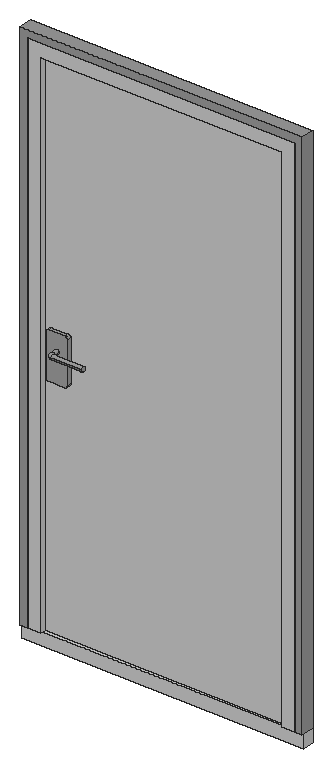
Revit family "AVLN_Дверь_Однопольная_стальная", category Двери, Revit 2021
Family settings
  Основа = Стена
  Номер OmniClass = 23.30.10.00
  Заголовок OmniClass = Doors
  Всегда вертикально = Да
  При загрузке вырезать с полостями = Нет
  Общий = Нет
  Точка принадлежности помещению = Нет
Parameters (values of type "1100х2090(h)_Л")
  Ширина полотна [instance] = Width - Монтажный зазор * 2 - Коробка толщина * 2  # 940 mm
  Тонкая линия проема = yes
  Толщина = 30 mm  # constant formula
  Стекло.Толщина = 15 mm
  Стекло.Отступ.Снизу = 1200 mm
  Стекло.Отступ.Слева/Справа = 100 mm
  Стекло.Отступ.Сверху = 100 mm
  Стекло = not([Глухая/Остекленная])  # no
  Смещение проема [instance] = 50 mm
  Смещение внутрь = 0 mm
  С1 [instance] = if(Смещение проема = 0 mm, 1 mm, 0 mm)  # 0 mm
  Ручка смещение = 60 mm  # constant formula
  Ручка высота = 1000 mm  # constant formula
  Рабочая зона = no
  Rough Width = Width - Монтажный зазор * 2  # 1040 mm
  Rough Height = Height - Монтажный зазор  # 2060 mm
  Правая = no
  Порог_наружный_смещение [instance] = 50 mm
  Порог_внутренний_смещение [instance] = 50 mm
  Порог_внуренний [instance] = no
  Порог [instance] = no
  Определить тепловые свойства по = Тип схем
  Описание = "Индивидуальный дверной блок (лестница) стальной однопольный, с пониженым порогом, с уплотнителем, с доводчиком, с нажимными ручками. Без замка, с ограничителем. Ширина проема в свету не менее 900 мм. Цвет: см. Дизайн-проект."
  Окрывание 30° = yes
  Fire Rating = ""
  Монтажный зазор сверху [instance] = if(Смещение проема = 0 mm, Монтажный зазор - 1 mm, Монтажный зазор)  # 30 mm
  Монтажный зазор = 30 mm
  Матиал_Коробка = Сталь
  Материал_Стекло = Остекление
  Материал_Рабочая зона = none
  Материал_Полотно = Сталь
  Материал_Монтажный зазор = Монтажный зазор
  Материал_Дверной ручки = По умолчанию
  Левая = not(Правая)  # yes
  Коробка.Профиль = 1 mm  # constant formula
  Коробка толщина = 50 mm  # constant formula
  Комментарии к типоразмеру = "Двери внутренние"
  Заполнение под проемом_Видимость [instance] = if(Смещение проема = 0 mm, 1 = 0, 1 = 1)  # yes
  Функция = Внутренние слои
  Группа модели = "Дверь"
  Глухая/Остекленная = yes
  Глухая = [Глухая/Остекленная]  # yes
  Height = 2090 mm
  Замыкание стены = По основе
  Width = 1100 mm
  Аналитическая конструкция = "<Нет>"
  AVLN_Проем_Ширина [instance] = Width  # 1100 mm
  AVLN_Проем_Высота [instance] = Height + Смещение проема  # 2140 mm
  ADSK_Размер_Высота [instance] = if(Смещение проема = 0 mm, Height - 1 mm, Height)  # 2090 mm
  ADSK_Примечание [instance] = ""
  ADSK_Позиция [instance] = ""
  ADSK_Обозначение = "ГОСТ 31173-2016"
  ADSK_Наименование = "ДСВ Оп 2090-1100 Прг Л Н П2лс"
  ADSK_Масса = 0
  ADSK_Марка [instance] = "ДВ-21Л"
  ADSK_Количество [instance] = 1
  ADSK_Единица измерения [instance] = "шт."
Types (26, lengths in mm): name | Ширина полотна | Стекло.Отступ.Снизу | Стекло.Отступ.Слева/Справа | Стекло.Отступ.Сверху | Стекло | Rough Width | Rough Height | Правая | Fire Rating | Матиал_Коробка | Материал_Стекло | Материал_Полотно | Материал_Монтажный зазор | Материал_Дверной ручки | Левая | Комментарии к типоразмеру | Группа модели | Глухая/Остекленная | Глухая | Height | Width | AVLN_Проем_Ширина | AVLN_Проем_Высота | ADSK_Размер_Высота | ADSK_Обозначение | ADSK_Наименование
  1100х2090(h)_Л | 940 | 1200 | 100 | 100 | no | 1040 | 2060 | no | "" | Сталь | Остекление | Сталь | Монтажный зазор | По умолчанию | yes | "Двери внутренние" | "Дверь" | yes | yes | 2090 | 1100 | 1100 | 2140 | 2090 | "ГОСТ 31173-2016" | "ДСВ Оп 2090-1100 Прг Л Н П2лс"
  1050х2070(h)_Л | 890 | 1200 | 100 | 100 | no | 990 | 2040 | no | "" | Сталь | Остекление | Сталь | Монтажный зазор | По умолчанию | yes | 0 | "Дверь" | yes | yes | 2070 | 1050 | 1050 | 2120 | 2070 | "ГОСТ 31173-2016" | ""
  1100х2070(h)_П | 940 | 1200 | 100 | 100 | yes | 1040 | 2040 | yes | "" | Сталь | Остекление | Сталь | Монтажный зазор | По умолчанию | no | "Двери внутренние" | "Дверь" | no | no | 2070 | 1100 | 1100 | 2120 | 2070 | "ГОСТ 31173-2016" | ""
  1100х2070(h)_EI30_П | 940 | 1200 | 100 | 100 | no | 1040 | 2040 | yes | "EI30" | Сталь | Остекление | Сталь | Монтажный зазор | По умолчанию | no | "Двери противопожарные" | "Дверь" | yes | yes | 2070 | 1100 | 1100 | 2120 | 2070 | "ГОСТ Р 57327-2016" | ""
  1100х2070(h)_EI30_Л | 940 | 1200 | 100 | 100 | no | 1040 | 2040 | no | "EI30" | Сталь | Остекление | Сталь | Монтажный зазор | По умолчанию | yes | 0 | 0 | yes | yes | 2070 | 1100 | 1100 | 2120 | 2070 | "ГОСТ 31173-2016" | ""
  1100х1800(h)_EI30_П | 940 | 1200 | 100 | 100 | no | 1040 | 1770 | yes | "EI30" | Сталь | Остекление | Сталь | Монтажный зазор | По умолчанию | no | 0 | 0 | yes | yes | 1800 | 1100 | 1100 | 1850 | 1800 | "ГОСТ 31173-2016" | ""
  1100х1800(h)_EI30_Л | 940 | 1200 | 100 | 100 | no | 1040 | 1770 | no | "EI30" | Сталь | Остекление | Сталь | Монтажный зазор | По умолчанию | yes | 0 | 0 | yes | yes | 1800 | 1100 | 1100 | 1850 | 1800 | "ГОСТ 31173-2016" | ""
  1100х2070(h)_EI30_Остекл_П | 940 | 1000 | 200 | 200 | yes | 1040 | 2040 | yes | "EI30" | Сталь | ADSK_Стекло_Прозрачное бесцветное | Сталь | Монтажный зазор | По умолчанию | no | "Двери противопожарные" | 0 | no | no | 2070 | 1100 | 1100 | 2120 | 2070 | "ГОСТ Р 57327-2016" | ""
  1100х2070(h)_EI30_Остекл_Л | 940 | 1000 | 200 | 200 | yes | 1040 | 2040 | no | "EI30" | Сталь | ADSK_Стекло_Прозрачное бесцветное | Сталь | Монтажный зазор | По умолчанию | yes | "Двери противопожарные" | 0 | no | no | 2070 | 1100 | 1100 | 2120 | 2070 | "ГОСТ Р 57327-2016" | ""
  Л_1100 | 940 | 1200 | 100 | 100 | no | 1040 | 2070 | no | "" | Сталь | Остекление | Сталь | Монтажный зазор | По умолчанию | yes | 0 | 0 | yes | yes | 2100 | 1100 | 1100 | 2150 | 2100 | "ГОСТ 31173-2016" | ""
  1100х2070(h)_Л_огн | 940 | 1200 | 100 | 100 | yes | 1040 | 2040 | no | "" | Сталь | Остекление | Сталь | Монтажный зазор | По умолчанию | yes | 0 | 0 | no | no | 2070 | 1100 | 1100 | 2120 | 2070 | "ГОСТ 31173-2016" | ""
  1000х2070(h)_П | 840 | 1200 | 100 | 100 | no | 940 | 2040 | yes | "" | Сталь | Остекление | Сталь | Монтажный зазор | По умолчанию | no | "Двери внутренние" | "Дверь" | yes | yes | 2070 | 1000 | 1000 | 2120 | 2070 | "ГОСТ 31173-2016" | ""
  1000х2070(h)_Л | 840 | 1200 | 100 | 100 | no | 940 | 2040 | no | "" | Сталь | Остекление | Сталь | Монтажный зазор | По умолчанию | yes | "Двери внутренние" | "Дверь" | yes | yes | 2070 | 1000 | 1000 | 2120 | 2070 | "ГОСТ 31173-2016" | ""
  1100х2100(h)_Л_Глухая | 940 | 1200 | 100 | 100 | no | 1040 | 2070 | no | "" | ADSK_Металл_RAL7024 | ADSK_Металл_RAL7024 | ADSK_Металл_RAL7024 | Монтажный зазор | ADSK_Металл_RAL7024 | yes | "Двери наружные" | "Дверь" | yes | yes | 2100 | 1100 | 1100 | 2150 | 2100 | "ГОСТ 31173-2016" | ""
  1000х2090(h)_Л | 840 | 1200 | 100 | 100 | no | 940 | 2060 | no | "" | Сталь | Остекление | Сталь | Монтажный зазор | По умолчанию | yes | "Двери внутренние" | "Дверь" | yes | yes | 2090 | 1000 | 1000 | 2140 | 2090 | "ГОСТ 31173-2016" | "ДСВ Оп 2090-1000 Прг Л Н П2лс"
  1000х2090(h)_EI30_П | 840 | 1200 | 100 | 100 | no | 940 | 2060 | yes | "" | Сталь | Остекление | Сталь | Монтажный зазор | По умолчанию | no | "Двери противопожарные" | "Дверь" | yes | yes | 2090 | 1000 | 1000 | 2140 | 2090 | "ГОСТ Р 57327-2016" | "ДПС 01 2090-1000 Пр EI30"
  1000х2090(h)_EI30_Л | 840 | 1200 | 100 | 100 | no | 940 | 2060 | no | "" | Сталь | Остекление | Сталь | Монтажный зазор | По умолчанию | yes | "Двери противопожарные" | "Дверь" | yes | yes | 2090 | 1000 | 1000 | 2140 | 2090 | "ГОСТ Р 57327-2016" | "ДПС 01 2090-1000 Л EI30"
  Нр_1100х2090(h)_П | 940 | 1200 | 100 | 100 | no | 1040 | 2060 | yes | "" | Сталь | Остекление | Сталь | Монтажный зазор | По умолчанию | no | "Двери наружные" | "Дверь" | yes | yes | 2090 | 1100 | 1100 | 2140 | 2090 | "ГОСТ 31173-2016" | "ДСН Оп 2090-1100 Прг Пр Н П2лс"
  1100х2090(h)_П | 940 | 1200 | 100 | 100 | no | 1040 | 2060 | yes | "" | Сталь | Остекление | Сталь | Монтажный зазор | По умолчанию | no | "Двери внутренние" | "Дверь" | yes | yes | 2090 | 1100 | 1100 | 2140 | 2090 | "ГОСТ 31173-2016" | "ДСВ Оп 2090-1100 Прг Пр Н П2лс"
  1100х2090(h)_EI30_П | 940 | 1200 | 100 | 100 | no | 1040 | 2060 | yes | "EI30" | Сталь | Остекление | Сталь | Монтажный зазор | По умолчанию | no | "Двери противопожарные" | "Дверь" | yes | yes | 2090 | 1100 | 1100 | 2140 | 2090 | "ГОСТ Р 57327-2016" | "ДПС 01 2090-1100 Пр EI30"
  1100х2090(h)_EI30_Л | 940 | 1200 | 100 | 100 | no | 1040 | 2060 | no | "EI30" | Сталь | Остекление | Сталь | Монтажный зазор | По умолчанию | yes | "Двери противопожарные" | "Дверь" | yes | yes | 2090 | 1100 | 1100 | 2140 | 2090 | "ГОСТ Р 57327-2016" | "ДПС 01 2090-1100 Л EI30"
  1100х2070(h)_Л | 940 | 1200 | 100 | 100 | yes | 1040 | 2040 | no | "" | Сталь | Остекление | Сталь | Монтажный зазор | По умолчанию | yes | "Двери наружные" | "Дверь" | no | no | 2070 | 1100 | 1100 | 2120 | 2070 | "ГОСТ 31173-2016" | ""
  1000х1900(h)_EI30_П | 840 | 1200 | 100 | 100 | no | 940 | 1870 | yes | "" | ADSK_RAL9002/9003 | Остекление | ADSK_RAL9002/9003 | ADSK_RAL9002/9003 | По умолчанию | no | "Двери противопожарные" | "Дверь" | yes | yes | 1900 | 1000 | 1000 | 1950 | 1900 | "ГОСТ Р 57327-2016" | ""
  1000х2070(h)_EI30_П | 840 | 1200 | 100 | 100 | no | 940 | 2040 | yes | "EI30" | Сталь | Остекление | Сталь | Монтажный зазор | По умолчанию | no | "Двери противопожарные" | 0 | yes | yes | 2070 | 1000 | 1000 | 2120 | 2070 | "ГОСТ Р 57327-2016" | ""
  1000х2070(h)_EI30_Л | 840 | 1200 | 100 | 100 | no | 940 | 2040 | no | "" | Сталь | Остекление | Сталь | Монтажный зазор | По умолчанию | yes | "Двери противопожарные" | 0 | yes | yes | 2070 | 1000 | 1000 | 2120 | 2070 | "ГОСТ Р 57327-2016" | ""
  1000х1900(h)_EI30_Л | 840 | 1200 | 100 | 100 | no | 940 | 1870 | no | "" | ADSK_RAL9002/9003 | ADSK_RAL9002/9003 | ADSK_RAL9002/9003 | ADSK_RAL9002/9003 | ADSK_RAL9002/9003 | yes | "Двери противопожарные" | "Дверь" | yes | yes | 1900 | 1000 | 1000 | 1950 | 1900 | "ГОСТ Р 57327-2016" | ""
Reference planes
  plane 1: y = 0
  plane 2 "По центру (Влево/Вправо)": x = 0
  plane 3 "Слева": x = -550
  plane 4 "Справа": x = 550
  plane 5: z = 2090
  plane 6 "Наружный": y = 150
  plane 7 "Внутренние": y = -150
  plane 8: z = -50
  plane 9: x = -520
  plane 10: x = 520
  plane 11: x = 470
  plane 12: x = -470
  plane 13: z = 2060
  plane 14: z = 2010
  plane 15 "Полотно_Н": y = 150
  plane 16 "Полотно_В": y = 120
  plane 17: z = -100
  plane 18: x = -410
  plane 19: x = 410
  plane 20: z = 1000
  plane 21: z = 1045
  plane 22 "Короб_В": y = 100
  plane 23: x = -469
  plane 24: x = 469
  plane 25: z = 2009
  plane 26: y = 1250
  plane 27: x = 370
  plane 28: z = 1910
  plane 29: x = -370
  plane 30: z = 1200
  plane 31: y = 135
  plane 32: y = 142.5
  plane 33: y = 127.5
  plane 34: y = 200
  plane 35: y = -200
  plane 36: z = -50
Forms (mm)
  Extrusion 1, solid, material "Сталь" <- "Материал_Полотно", visible <- "Стекло", detail levels fine
    sketch origin (0, 150, 0) x (1, 0, 0) y (0, 0, 1)
      loop
        line (470, 2010) -> (-470, 2010) -> (-470, 0) -> (470, 0) -> (470, 2010)
      loop
        line (370, 1910) -> (-370, 1910) -> (-370, 1200) -> (370, 1200) -> (370, 1910)
    from 0 to 30
  Extrusion 2, solid, material "Сталь" <- "Матиал_Коробка", visible <- "Заполнение под проемом_Видимость", detail levels fine
    sketch origin (0, 150, 0) x (1, 0, 0) y (0, 0, 1)
      loop
        line (550, 0) -> (-550, 0) -> (-550, -50) -> (550, -50) -> (550, 0)
    from 0 to 40
  Extrusion 3, solid, material "Монтажный зазор" <- "Материал_Монтажный зазор"
    sketch origin (0, -150, 0) x (1, 0, 0) y (0, 0, 1)
      loop
        line (-550, 0) -> (-520, 0) -> (-520, 2060) -> (520, 2060) -> (520, 0) -> (550, 0) -> (550, 2090) -> (-550, 2090) -> (-550, 0)
    from -300 to -250
  Sweep 4, solid, material "Сталь" <- "Матиал_Коробка"
    path origin (0, 150, 0) x (-1, 0, 0) y (0, 0, 1)
      loop
        line (470, 0) -> (470, 2010) -> (-470, 2010) -> (-470, 0)
    profile origin (-470, 150, 1005) x (0, 1, 0) y (-1, 0, 0)
      loop
        line (0, 50) -> (-50, 50) -> (-50, -1) -> (-30, -1) -> (-30, 0) -> (0, 0) -> (0, 50)
  Extrusion 5, void
    sketch origin (0, 0, 0) x (1, 0, 0) y (0, 1, 0)
      loop
        line (-550, 1250) -> (-550, 150) -> (550, 150) -> (550, 1250) -> (-550, 1250)
    from -50 to 2090
  Extrusion 6, solid, material "Остекление" <- "Материал_Стекло", visible <- "Стекло", detail levels fine
    sketch origin (0, 150, 0) x (1, 0, 0) y (0, 0, 1)
      loop
        line (370, 1910) -> (-370, 1910) -> (-370, 1200) -> (370, 1200) -> (370, 1910)
    from 7.5 to 22.5
  Extrusion 7, solid, material "Сталь" <- "Материал_Полотно", visible <- "Глухая"
    sketch origin (0, 150, 0) x (1, 0, 0) y (0, 0, 1)
      loop
        line (470, 2010) -> (-470, 2010) -> (-470, 0) -> (470, 0) -> (470, 2010)
    from 0 to 30
Lines and regions (mm)
  Opening 1
    outline origin (-3050, -150, 0) x (1, 0, 0) y (0, 0, 1)
      loop
        line (2500, -50) -> (3600, -50) -> (3600, 2090) -> (2500, 2090) -> (2500, -50)
  Masking region 1, visible <- "Тонкая линия проема"
    outline origin (95.796, -283.072, 0) x (1, 0, 0) y (0, 1, 0)
      loop
        line (-619.745, 443.072) -> (-645.796, 433.072) -> (-645.796, 133.072) -> (-645.796, 123.072) -> (454.204, 123.072) -> (454.204, 133.072) -> (454.204, 433.072) -> (426.729, 443.072) -> (-619.745, 443.072)
  model lines, style "Открывание_Внутрь", visible <- "Левая"
    curve 1: line (469, 120, 2009) -> (-469, 120, 1045)
    curve 2: line (-469, 120, 1045) -> (469, 120, 0)
  model lines, style "Открывание_Внутрь", visible <- "Правая"
    curve 3: line (-469, 120, 0) -> (469, 120, 1045)
    curve 4: line (469, 120, 1045) -> (-469, 120, 2009)
  model lines, style "Открывание_Наружу", visible <- "Правая"
    curve 5: line (-470, 150, 0) -> (469, 150, 1045)
    curve 6: line (469, 150, 1045) -> (-470, 150, 2010)
  model lines, style "Открывание_Наружу", visible <- "Левая"
    curve 7: line (470, 150, 2010) -> (-469, 150, 1045)
    curve 8: line (-469, 150, 1045) -> (470, 150, 0)
  model lines, style "Рабочая зона", visible <- "Рабочая зона"
    curve 9: line (-550, 150, 0) -> (-550, 1250, 0)
    curve 10: line (-550, 1250, 0) -> (550, 1250, 0)
    curve 11: line (550, 150, 0) -> (550, 1250, 0)
  symbolic lines, style "Порог", visible <- "Порог_внуренний"
    curve 12: line (-550, -200, 0) -> (550, -200, 0)
  symbolic lines, style "Порог", visible <- "Порог"
    curve 13: line (-550, 200, 0) -> (550, 200, 0)
Text (mm)
  text "Наружный" at (-2295.016, 1099.543, 0), in view "Опорный уровень"
  text "Наружный" at (0, 1615.38, 3698.081), in view "Слева"
  text "Наружный" at (0, 1036.032, 3874.932), in view "Справа"
Dimensions and locks
  equal spacing: plane 3 "Слева", plane 2 "По центру (Влево/Вправо)", plane 4 "Справа"
  "Width": plane 3 "Слева" to plane 4 "Справа"
  host wall to plane 5 = 2554.966 mm  (x2)
  locked: plane 6 "Наружный" to host wall
  locked: plane 7 "Внутренние" to host wall
  plane 8 to level = 50 mm
  "ADSK_Размер_Высота": level to plane 5
  "Монтажный зазор": plane 3 "Слева" to plane 9
  "Монтажный зазор": plane 10 to plane 4 "Справа"
  "Смещение внутрь": plane 15 "Полотно_Н" to plane 6 "Наружный"
  "Толщина": plane 15 "Полотно_Н" to plane 16 "Полотно_В"
  level to plane 17 = 100 mm
  "Монтажный зазор сверху": plane 13 to plane 5
  "Коробка толщина": plane 14 to plane 13
  "Коробка толщина": plane 12 to plane 9
  "Коробка толщина": plane 11 to plane 10
  "Смещение проема": level to plane 8
  "Ручка высота": level to plane 20
  "Ручка смещение": plane 12 to plane 18
  "Ручка смещение": plane 19 to plane 11
  equal spacing: level, plane 21, plane 5
  equal spacing: plane 7 "Внутренние", plane 1, plane 6 "Наружный"
  "Коробка толщина": plane 15 "Полотно_Н" to plane 22 "Короб_В"
  "Коробка.Профиль": plane 12 to plane 23
  "Коробка.Профиль": plane 24 to plane 11
  "Коробка.Профиль": plane 14 to plane 25
  "Width": plane 26 to plane 15 "Полотно_Н"
  "Стекло.Отступ.Слева/Справа": plane 27 to plane 11
  "Стекло.Отступ.Слева/Справа": plane 12 to plane 29
  "Стекло.Отступ.Сверху": plane 28 to plane 14
  "Стекло.Отступ.Снизу": level to plane 30
  equal spacing: plane 15 "Полотно_Н", plane 31, plane 16 "Полотно_В"
  equal spacing: plane 33, plane 31, plane 32
  "Стекло.Толщина": plane 33 to plane 32
  "Порог_наружный_смещение": plane 6 "Наружный" to plane 34
  "Порог_внутренний_смещение": plane 35 to plane 7 "Внутренние"
  "С1": plane 8 to plane 36
  aligned and locked: plane 3 "Слева" to Opening 1 sketch curve
  aligned and locked: Opening 1 sketch curve to plane 4 "Справа"
  aligned and locked: plane 1 to host wall
  aligned and locked: Extrusion 1 to plane 16 "Полотно_В"
  aligned and locked: plane 15 "Полотно_Н" to Extrusion 1
  aligned and locked: level to Extrusion 2 sketch curve
  aligned and locked: Extrusion 2 sketch curve to plane 4 "Справа"
  aligned and locked: Extrusion 2 sketch curve to host wall
  aligned and locked: nested 1 to plane 16 "Полотно_В"
  aligned and locked: nested 2 to plane 15 "Полотно_Н"
  aligned and locked: plane 15 "Полотно_Н" to nested 4
  aligned and locked: plane 16 "Полотно_В" to nested 3
  aligned and locked: plane 5 to Opening 1 sketch curve
  aligned and locked: plane 14 to Extrusion 1 sketch curve
  aligned and locked: Extrusion 3 sketch curve to plane 4 "Справа"
  aligned and locked: Extrusion 3 sketch curve to plane 10
  aligned and locked: Extrusion 3 sketch curve to plane 5
  aligned and locked: Extrusion 3 sketch curve to plane 13
  aligned and locked: plane 3 "Слева" to Extrusion 3 sketch curve
  aligned and locked: plane 9 to Extrusion 3 sketch curve
  aligned and locked: Extrusion 3 sketch curve to level  (x2)
  aligned and locked: nested 2 to plane 20
  aligned and locked: plane 20 to nested 4
  aligned and locked: plane 20 to nested 1
  aligned and locked: nested 3 to plane 20
  aligned and locked: plane 19 to nested 4
  aligned and locked: plane 18 to nested 2
  aligned and locked: nested 3 to plane 19
  aligned and locked: nested 1 to plane 18
  aligned and locked: nested 5 to plane 4 "Справа"
  aligned and locked: nested 5 to plane 3 "Слева"
  aligned and locked: nested 5 to plane 15 "Полотно_Н"
  aligned and locked: nested 6 to plane 3 "Слева"
  aligned and locked: nested 6 to plane 4 "Справа"
  aligned and locked: plane 15 "Полотно_Н" to nested 6
  aligned and locked: Extrusion 3 to plane 22 "Короб_В"
  aligned and locked: plane 15 "Полотно_Н" to Extrusion 3
  aligned and locked: plane 11 to Sweep 4 sketch curve
  aligned and locked: plane 14 to Sweep 4 sketch curve
  aligned and locked: plane 12 to Sweep 4 sketch curve  (x2)
  aligned and locked: plane 15 "Полотно_Н" to Sweep 4 sketch curve
  aligned and locked: plane 9 to Sweep 4 sketch curve
  aligned and locked: plane 23 to Sweep 4 sketch curve
  aligned and locked: plane 22 "Короб_В" to Sweep 4 sketch curve
  aligned and locked: plane 16 "Полотно_В" to Sweep 4 sketch curve
  aligned and locked: level to Sweep 4 sketch curve  (x2)
  aligned and locked: plane 23 to curve 4
  aligned and locked: plane 25 to curve 4
  aligned and locked: plane 25 to curve 1
  aligned and locked: plane 24 to curve 1
  aligned and locked: plane 23 to curve 1
  aligned and locked: plane 21 to curve 2
  aligned and locked: plane 24 to curve 4
  aligned and locked: plane 21 to curve 3
  aligned and locked: Sweep 4 to curve 3
  aligned and locked: level to curve 3
  aligned and locked: Sweep 4 to curve 2
  aligned and locked: level to curve 2
  aligned and locked: curve 9 to plane 3 "Слева"
  aligned and locked: curve 10 to plane 26
  aligned and locked: curve 11 to plane 4 "Справа"
  aligned and locked: plane 15 "Полотно_Н" to curve 9
  aligned and locked: plane 15 "Полотно_Н" to curve 11
  aligned and locked: Extrusion 5 sketch curve to plane 26
  aligned and locked: Extrusion 5 sketch curve to plane 3 "Слева"
  aligned and locked: Extrusion 5 sketch curve to plane 15 "Полотно_Н"
  aligned and locked: Extrusion 5 sketch curve to plane 4 "Справа"
  aligned and locked: Extrusion 5 to plane 5
  aligned and locked: plane 28 to Extrusion 1 sketch curve
  aligned and locked: Extrusion 1 sketch curve to plane 27
  aligned and locked: Extrusion 1 sketch curve to plane 30
  aligned and locked: Extrusion 1 sketch curve to plane 29
  aligned and locked: plane 27 to Extrusion 6 sketch curve
  aligned and locked: plane 28 to Extrusion 6 sketch curve
  aligned and locked: Extrusion 6 sketch curve to plane 29
  aligned and locked: plane 30 to Extrusion 6 sketch curve
  aligned and locked: plane 33 to Extrusion 6
  aligned and locked: plane 32 to Extrusion 6
  aligned and locked: plane 11 to Extrusion 7 sketch curve
  aligned and locked: plane 14 to Extrusion 7 sketch curve
  aligned and locked: plane 12 to Extrusion 7 sketch curve
  aligned and locked: level to Extrusion 7 sketch curve
  aligned and locked: plane 15 "Полотно_Н" to Extrusion 7
  aligned and locked: Extrusion 7 to plane 16 "Полотно_В"
  aligned and locked: curve 6 to curve 4
  aligned and locked: curve 8 to curve 2
  aligned and locked: Masking region 1 sketch curve to curve 9
  aligned and locked: Extrusion 1 to Masking region 1 sketch curve
  aligned and locked: plane 6 "Наружный" to Masking region 1 sketch curve
  aligned and locked: host wall to Masking region 1 sketch curve  (x2)
  aligned and locked: plane 3 "Слева" to Masking region 1
  aligned and locked: Masking region 1 to plane 4 "Справа"
  aligned and locked: plane 3 "Слева" to curve 13
  aligned and locked: plane 4 "Справа" to curve 13
  aligned and locked: curve 13 to plane 34
  aligned and locked: curve 12 to plane 35
  aligned and locked: Extrusion 2 to plane 36
  aligned and locked: Extrusion 5 to plane 8
  aligned and locked: Opening 1 sketch curve to plane 36
Automatic sketch dimensions
  plane 12 to Extrusion 1 sketch curve = 0 mm
  plane 11 to Extrusion 1 sketch curve = 0 mm
  Extrusion 1 sketch curve to level = 0 mm
  plane 11 to curve 7 = 0 mm
  curve 8 to level = 0 mm
  plane 11 to curve 8 = 0 mm
  curve 6 to plane 21 = 0 mm
  curve 7 to plane 23 = 0 mm
  plane 12 to curve 6 = 0 mm
  curve 5 to level = 0 mm
  plane 12 to curve 5 = 0 mm
  curve 7 to plane 14 = 0 mm
  curve 6 to plane 14 = 0 mm
  Extrusion 2 sketch curve to plane 8 = 0 mm
  curve 12 to plane 4 "Справа" = 0 mm
  Masking region 1 sketch curve to plane 4 "Справа" = 0 mm
  Masking region 1 sketch curve to plane 9 = 3.949 mm
  plane 10 to Masking region 1 sketch curve = 2.525 mm
  host wall to Masking region 1 sketch curve = 10 mm  (x2)
  curve 12 to plane 3 "Слева" = 0 mm
Nested families
  nested 1: "Дв_Дверная ручка" at (-410, 120, -40), visible <- "Левая", type "Дв_Дверная ручка", detail levels fine
    with Высота расположения дверной ручки 1040 mm
  nested 2: "Дв_Дверная ручка" at (-410, 150, -40), visible <- "Левая", type "Дв_Дверная ручка", detail levels fine
    with Высота расположения дверной ручки 1040 mm
  nested 3: "Дв_Дверная ручка" at (410, 120, -40) x (-1, 0, 0) z (0, 0, 1), visible <- "Правая", type "Дв_Дверная ручка", detail levels fine
    with Высота расположения дверной ручки 1040 mm
  nested 4: "Дв_Дверная ручка" at (410, 150, -40) x (-1, 0, 0) z (0, 0, 1), visible <- "Правая", type "Дв_Дверная ручка", detail levels fine
    with Высота расположения дверной ручки 1040 mm
  nested 5: "АС-Однопольная-Обозначение на плане" at (0, 150, -50), Width <- "Width", Толщина <- "Толщина", Коробка.Толщина <- "Коробка толщина", Height <- "Rough Height", Полотно.Ширина <- "Ширина полотна", Rough Width <- "Rough Width", visible <- "Левая", Коробка.Ширина <- "Коробка.Профиль", type "АС-Стандарт"
    with Width 1100 mm, Толщина 30 mm, Rough Width 1040 mm, Полотно.Ширина 940 mm, Коробка.Ширина 1 mm, Коробка.Толщина 50 mm, Height 2060 mm
  nested 6: "АС-Однопольная-Обозначение на плане" at (0, 150, -50) x (-1, 0, 0) z (0, 0, 1), Width <- "Width", Толщина <- "Толщина", Коробка.Толщина <- "Коробка толщина", Height <- "Rough Height", Полотно.Ширина <- "Ширина полотна", Rough Width <- "Rough Width", visible <- "Правая", Коробка.Ширина <- "Коробка.Профиль", type "АС-Стандарт"
    with Width 1100 mm, Толщина 30 mm, Rough Width 1040 mm, Полотно.Ширина 940 mm, Коробка.Ширина 1 mm, Коробка.Толщина 50 mm, Height 2060 mm
Definition of nested family "Дв_Дверная ручка"
  Parameters (values of type "Дв_Дверная ручка")
    Материал дверной ручки = none
    Высота расположения дверной ручки [instance] = 1040 mm
    Analytic Construction = "<Нет>"
  Reference planes
    plane 1 "По центру (Вперед/Назад)": y = 0
    plane 2: z = 0
    plane 3 "По центру (Влево/Вправо)": x = 0
    plane 4: z = 1040
    plane 5: x = -41.434
    plane 6: x = 41.434
    plane 7: z = 1106.663
    plane 8: z = 926.663
    plane 9: y = -15
  Forms (mm)
    Extrusion 1, solid, material <- "Материал дверной ручки"
      sketch origin (0, 0, 0) x (1, 0, 0) y (0, 0, 1)
        loop
          arc (-31.434, 1106.663) -> (-38.505, 1103.734) -> (-41.434, 1096.663) r 10
          line (-41.434, 1096.663) -> (-41.434, 936.663)
          arc (-41.434, 936.663) -> (-38.505, 929.591) -> (-31.434, 926.663) r 10
          line (-31.434, 926.663) -> (31.434, 926.663)
          arc (31.434, 926.663) -> (38.505, 929.591) -> (41.434, 936.663) r 10
          line (41.434, 936.663) -> (41.434, 1096.663)
          arc (41.434, 1096.663) -> (38.505, 1103.734) -> (31.434, 1106.663) r 10
          line (31.434, 1106.663) -> (-31.434, 1106.663)
      from 0 to 15
    Sweep 2, solid, material <- "Материал дверной ручки"
      path origin (0, 0, 0) x (1, 0, 0) y (0, 1, 0)
        loop
          line (0, -15) -> (0, -38.261)
          arc (0, -38.261) -> (2.929, -45.332) -> (10, -48.261) r 10
          line (10, -48.261) -> (130, -48.261)
      profile origin (0, -26.63, 0) x (1, 0, 0) y (0, 0, 1)
        loop
          circle (0, 1040) r 8
  Dimensions and locks
    "Высота расположения дверной ручки": plane 4 to level
    plane 7 to plane 8 = 180 mm
    plane 6 to plane 5 = 82.868 mm
    equal spacing: plane 6, plane 3 "По центру (Влево/Вправо)", plane 5
    locked: plane 1 "По центру (Вперед/Назад)" to plane 9 at 15
    aligned and locked: level to plane 2
    aligned and locked: Extrusion 1 sketch curve to plane 7
    aligned and locked: plane 5 to Extrusion 1 sketch curve
    aligned and locked: plane 8 to Extrusion 1 sketch curve
    aligned and locked: Extrusion 1 sketch curve to plane 6
    aligned and locked: Extrusion 1 to plane 1 "По центру (Вперед/Назад)"
    aligned and locked: plane 4 to Sweep 2
  Automatic sketch dimensions
    plane 5 to Extrusion 1 sketch curve = 10 mm
    Extrusion 1 sketch curve to Extrusion 1 sketch curve = 10 mm  (x2)
    Extrusion 1 sketch curve to plane 6 = 10 mm
    Sweep 2 sketch curve to plane 3 "По центру (Влево/Вправо)" = 0 mm
    plane 9 to Sweep 2 sketch curve = 0 mm
    Sweep 2 sketch curve to Sweep 2 sketch curve = 10 mm
    Sweep 2 sketch curve to Sweep 2 sketch curve = 23.261 mm
    Sweep 2 sketch curve to Sweep 2 sketch curve = 120 mm
    profile plane to Sweep 2 sketch curve = 0 mm
    level to Sweep 2 sketch curve = 1040 mm
    radius of Sweep 2 sketch curve = 8 mm
Definition of nested family "АС-Однопольная-Обозначение на плане"
  Parameters (values of type "АС-Стандарт")
    Полотно.Ширина [instance] = 900 mm
    Открывание двери 90 = not(Открывание двери 30)  # no
    Открывание двери 30 = yes
    Линия открывания (дуга) = not(Открывание двери 30)  # no
    Коробка.Ширина [instance] = 40 mm
    Коробка.Толщина [instance] = 80 mm
    Width [instance] = 1000 mm
    Thickness [instance] = 40 mm
    Rough Width [instance] = 960 mm
    Height [instance] = 2100 mm
    Default Elevation = 0 mm
    Analytic Construction = "<Нет>"
  Reference planes
    plane 1 "Center (Front/Back)": y = 0
    plane 2: z = 0
    plane 3 "Center (Left/Right)": x = 0
    plane 4 "Полотно.Слева": x = -480
    plane 5 "Полотно справа": x = 480
    plane 6 "Проем.Слева": x = -500
    plane 7 "Проем.Справа": x = 500
    plane 8 "Полотно. Внутренняя сторона": y = -40
    plane 9 "Коробка. Внутренняя сторона": y = -80
    plane 10 "Коробка.Внутренняя сторона слева": x = -450
    plane 11 "Коробка. Внутренняя сторона справа": x = 450
    plane 12 "2": x = -410
    plane 13 "3": x = 410
  Lines and regions (mm)
    Masking region 1, detail levels fine
      outline origin (0, 0, 0) x (1, 0, 0) y (0, 1, 0)
        loop
          line (-500, -80) -> (-480, -80) -> (-480, 0) -> (-500, 0) -> (-500, -80)
    Masking region 2, detail levels fine
      outline origin (0, 0, 0) x (1, 0, 0) y (0, 1, 0)
        loop
          line (500, -80) -> (500, 0) -> (480, 0) -> (480, -80) -> (500, -80)
    Masking region 3, detail levels fine
      outline origin (0, 0, 0) x (1, 0, 0) y (0, 1, 0)
        loop
          line (-480, 0) -> (-480, -80) -> (-410, -80) -> (-410, -40) -> (-450, -40) -> (-450, 0) -> (-480, 0)
    Masking region 4, detail levels fine
      outline origin (0, 0, 0) x (1, 0, 0) y (0, 1, 0)
        loop
          line (480, 0) -> (450, 0) -> (450, -40) -> (410, -40) -> (410, -80) -> (480, -80) -> (480, 0)
    Masking region 5, visible <- "Открывание двери 90", detail levels fine
      outline origin (0, 0, 0) x (1, 0, 0) y (0, 1, 0)
        loop
          line (450, 0) -> (450, 900) -> (410, 900) -> (410, 0) -> (450, 0)
    Masking region 6, visible <- "Открывание двери 30", detail levels fine
      outline origin (0, 0, 0) x (1, 0, 0) y (0, 1, 0)
        loop
          line (450, 0) -> (-329.423, 450) -> (-349.423, 415.359) -> (430, -34.641) -> (450, 0)
    symbolic lines, visible <- "Открывание двери 30", detail levels coarse+medium
      curve 1: line (500, 0, 0) -> (-366.025, 500, 0)
    symbolic lines, visible <- "Открывание двери 90", detail levels coarse+medium
      curve 2: line (500, 0, 0) -> (500, 1000, 0)
    symbolic lines, visible <- "Линия открывания (дуга)", detail levels coarse+medium
      curve 3: arc (500, 1000, 0) -> (-207.107, 707.107, 0) -> (-500, 0, 0) r 1000
    symbolic lines, visible <- "Линия открывания (дуга)", detail levels fine
      curve 4: arc (-450, 0, 0) -> (-186.396, 636.396, 0) -> (450, 900, 0) r 900
    model lines, not visible
      curve 5: line (0, 0, 0) -> (0, 0, 2100)
  Dimensions and locks
    "Thickness": plane 1 "Center (Front/Back)" to plane 8 "Полотно. Внутренняя сторона"  (x2)
    equal spacing: plane 4 "Полотно.Слева", plane 3 "Center (Left/Right)", plane 5 "Полотно справа"
    equal spacing: plane 6 "Проем.Слева", plane 3 "Center (Left/Right)", plane 7 "Проем.Справа"
    "Width": plane 6 "Проем.Слева" to plane 7 "Проем.Справа"
    "Rough Width": plane 4 "Полотно.Слева" to plane 5 "Полотно справа"
    plane 1 "Center (Front/Back)" to plane 9 "Коробка. Внутренняя сторона" = 80 mm
    "Коробка.Толщина": plane 9 "Коробка. Внутренняя сторона" to plane 1 "Center (Front/Back)"
    equal spacing: plane 10 "Коробка.Внутренняя сторона слева", plane 3 "Center (Left/Right)", plane 11 "Коробка. Внутренняя сторона справа"
    "Полотно.Ширина": plane 10 "Коробка.Внутренняя сторона слева" to plane 11 "Коробка. Внутренняя сторона справа"
    "Width": curve 1 to curve 1
    "Width": plane 1 "Center (Front/Back)" to curve 2
    "Коробка.Ширина": plane 10 "Коробка.Внутренняя сторона слева" to Masking region 3 sketch curve
    "Коробка.Ширина": Masking region 4 sketch curve to Masking region 4 sketch curve
    "Полотно.Ширина": plane 1 "Center (Front/Back)" to Masking region 5 sketch curve
    "Thickness": Masking region 5 sketch curve to plane 11 "Коробка. Внутренняя сторона справа"
    "Полотно.Ширина": Masking region 6 sketch curve to Masking region 6 sketch curve
    "Thickness": Masking region 6 sketch curve to Masking region 6 sketch curve
    "Height": curve 5 to level
    "Thickness": Masking region 5 to plane 11 "Коробка. Внутренняя сторона справа"
    "Thickness": Masking region 6 to Masking region 6
    "Коробка.Ширина": plane 10 "Коробка.Внутренняя сторона слева" to plane 12 "2"
    "Коробка.Ширина": plane 13 "3" to plane 11 "Коробка. Внутренняя сторона справа"
    "Width": radius of curve 3
    "Полотно.Ширина": radius of curve 4
    locked: curve 1 to plane 1 "Center (Front/Back)" (angle 30.00°)
    locked: Masking region 6 sketch curve to plane 1 "Center (Front/Back)" (angle 30.00°)
    aligned and locked: level to plane 2
    aligned and locked: plane 7 "Проем.Справа" to curve 2
    aligned and locked: plane 1 "Center (Front/Back)" to curve 2
    aligned and locked: Masking region 1 sketch curve to plane 9 "Коробка. Внутренняя сторона"
    aligned and locked: plane 6 "Проем.Слева" to Masking region 1 sketch curve
    aligned and locked: Masking region 1 sketch curve to plane 1 "Center (Front/Back)"
    aligned and locked: plane 4 "Полотно.Слева" to Masking region 1 sketch curve
    aligned and locked: plane 9 "Коробка. Внутренняя сторона" to Masking region 2 sketch curve
    aligned and locked: Masking region 2 sketch curve to plane 7 "Проем.Справа"
    aligned and locked: plane 1 "Center (Front/Back)" to Masking region 2 sketch curve
    aligned and locked: plane 5 "Полотно справа" to Masking region 2 sketch curve
    aligned and locked: Masking region 3 sketch curve to plane 4 "Полотно.Слева"
    aligned and locked: Masking region 3 sketch curve to plane 10 "Коробка.Внутренняя сторона слева"
    aligned and locked: Masking region 3 sketch curve to plane 1 "Center (Front/Back)"
    aligned and locked: Masking region 3 sketch curve to plane 9 "Коробка. Внутренняя сторона"
    aligned and locked: Masking region 3 sketch curve to plane 8 "Полотно. Внутренняя сторона"
    aligned and locked: Masking region 4 sketch curve to plane 5 "Полотно справа"
    aligned and locked: Masking region 4 sketch curve to plane 11 "Коробка. Внутренняя сторона справа"
    aligned and locked: Masking region 4 sketch curve to plane 9 "Коробка. Внутренняя сторона"
    aligned and locked: Masking region 4 sketch curve to plane 8 "Полотно. Внутренняя сторона"
    aligned and locked: Masking region 4 sketch curve to plane 1 "Center (Front/Back)"
    aligned and locked: curve 4 to Masking region 3
    aligned and locked: plane 11 "Коробка. Внутренняя сторона справа" to curve 4
    aligned and locked: Masking region 4 to Masking region 5 sketch curve
    aligned and locked: Masking region 5 sketch curve to Masking region 4
    aligned and locked: plane 11 "Коробка. Внутренняя сторона справа" to Masking region 6 sketch curve
    aligned and locked: plane 2 to curve 5
    aligned and locked: plane 3 "Center (Left/Right)" to curve 5
    aligned and locked: plane 11 "Коробка. Внутренняя сторона справа" to Masking region 5
    aligned and locked: plane 1 "Center (Front/Back)" to Masking region 5
  Automatic sketch dimensions
    plane 1 "Center (Front/Back)" to Masking region 6 sketch curve = 0 mm
